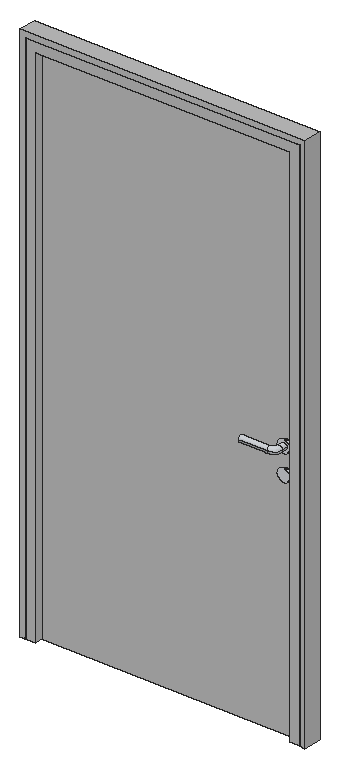
Revit family "BRU_Дверь_Однопольная_Стальная_Тех", category Двери, Revit 2021
Family settings
  Основа = Стена
  Номер OmniClass = 23.30.10.00
  Заголовок OmniClass = Doors
  Всегда вертикально = Да
  При загрузке вырезать с полостями = Нет
  Общий = Нет
  Точка принадлежности помещению = Нет
Parameters (values of type "ДСВ-О-Н-EI60 1100х2100(h) Пр")
  Четверть сверху.Размер [instance] = 30 mm
  Четверть сверху [instance] = if([Четверть (есть/нет)], Четверть сверху.Размер, 0 mm)  # 0 mm
  Четверть сбоку [instance] = if([Четверть (есть/нет)], Четверти сбоку.Размер, 0 mm)  # 0 mm
  Четверть (есть/нет) [instance] = no
  Четверти сбоку.Размер [instance] = 30 mm
  Угол в плане 30 [instance] = yes
  Толщина пола [instance] = 200 mm
  Тип полотна двери = Полотно : Глухое
  Ручка двери = none
  Рама двери.Ширина справа = 80 mm
  Рама двери.Ширина слева = 80 mm
  Рама двери.Ширина внизу = 80 mm
  Рама двери.Ширина вверху = 80 mm
  Полотно.Толщина = 40 mm
  Полотно двери. Высота [instance] = Rough Height - Коробка.Ширина  # 2050 mm
  Площадь [instance] = Width * Height  # 2.31 m²
  Откосы.Ширина [instance] = 530 mm
  Define Thermal Properties by = 1
  Fire Rating = ""
  О_Обозначение = ""
  О_Наименование = ""
  Наличник.Ширина [instance] = 60 mm
  Наличник.Толщина [instance] = 10 mm
  Наличник снаружи (есть/нет) [instance] = no
  Наличник внутри (есть/нет) [instance] = no
  Монтажный зазор снизу.Толщина [instance] = 0 mm
  Монтажный зазор сверху.Толщина = 20 mm
  Монтажный зазор сбоку.Толщина = 20 mm
  Коробка.Ширина = 30 mm
  Коробка.Толщина = 70 mm
  Type Comments = ""
  Защитное ограждение (есть/нет) = no
  Глубина выреза проема наружу [instance] = 200 mm
  Глубина выреза проема внутрь [instance] = 200 mm
  Глубина вставки двери [instance] = 0 mm
  Аналитическая конструкция = "<Нет>"
  Правая = yes
  Полотно двери = none
  Остекление двери = none
  Левая = not(Правая)  # no
  Огибание наружных слоев [instance] = 0 mm
  Width = 1100 mm
  Rough Width [instance] = Width - Монтажный зазор сбоку.Толщина * 2  # 1060 mm
  Rough Height [instance] = Height - Монтажный зазор сверху.Толщина  # 2080 mm
  Группа модели = "Дверь глухая с порогом"
  Manufacturer = ""
  Wall Closure = (empty or 0)
  Height = 2100 mm
  Описание = "Дверь деревянная внутренняя глухая"
  Тип конструкций = "Дверь деревянная"
  BRU_ДверьТип = "BRU_Дверь_Однопольная_Стальная_Техническая_Противопожарная"
  ADSK_Этаж [instance] = ""
  ADSK_Толщина стены [instance] = 0 mm
  ADSK_Примечание [instance] = ""
  ADSK_Предел огнестойкости = "EI60"
  ADSK_Позиция [instance] = ""
  ADSK_Открывание = if(Правая, "Правая", "Левая")  # "Правая"
  ADSK_Обозначение = "ГОСТ 6629-88"  # constant formula
  ADSK_Наименование краткое = ""
  ADSK_Наименование = "ДСВ-О-Н-EI60 1100х2100(h)"
  ADSK_Масса_Текст = ""
  ADSK_Количество [instance] = 0
  ADSK_Код изделия = ""
  ADSK_Зона [instance] = ""
  ADSK_Завод-изготовитель = ""
  ADSK_Единица измерения = ""
  ADSK_Группирование [instance] = ""
  ADSK_URL страницы изделия = ""
  ADSK_URL документации изделия = ""
Types (7, lengths in mm): name | Толщина пола | Площадь | Монтажный зазор снизу.Толщина | Правая | Левая | Width | Rough Width | ADSK_Предел огнестойкости | ADSK_Открывание | ADSK_Наименование
  ДСВ-О-Н-EI30 1100х2100(h) Л | 304.8 | 2.31 m² | 130 | no | yes | 1100 | 1060 | "EI30" | "Левая" | "ДСВ-О-Н-EI30 1100х2100(h)"
  ДСВ-О-Н-EI30 1100х2100(h) Пр | 304.8 | 2.31 m² | 130 | yes | no | 1100 | 1060 | "EI30" | "Правая" | "ДСВ-О-Н-EI30 1100х2100(h)"
  ДСВ-О-Н-EI30 850х2100(h) Л | 304.8 | 1.785 m² | 130 | no | yes | 850 | 810 | "EI30" | "Левая" | "ДСВ-О-Н-EI30 1100х2100(h)"
  ДСВ-О-Н-EI60 1100х2100(h) Пр | 200 | 2.31 m² | 0 | yes | no | 1100 | 1060 | "EI60" | "Правая" | "ДСВ-О-Н-EI60 1100х2100(h)"
  ДСВ-О-Н-EIS30 1100х2100(h) Пр | 304.8 | 2.31 m² | 130 | yes | no | 1100 | 1060 | "EIS30" | "Правая" | "ДСВ-О-Н-EIS30 1100х2100(h)"
  ДСВ-О-Н-EIS30 1100х2100(h) Л | 304.8 | 2.31 m² | 130 | no | yes | 1100 | 1060 | "EIS30" | "Левая" | "ДСВ-О-Н-EIS30 1100х2100(h)"
  ДСВ-О-Н-EI60 1100х2100(h) Л | 304.8 | 2.31 m² | 130 | no | yes | 1100 | 1060 | "EI60" | "Левая" | "ДСВ-О-Н-EI60 1100х2100(h)"
Reference planes
  plane 1: y = 0
  plane 2 "По центру (Влево/Вправо)": x = 0
  plane 3 "Слева": x = -550
  plane 4 "Справа": x = 550
  plane 5: z = 2100
  plane 6 "Наружный": y = 300
  plane 7 "Внутренние": y = -300
  plane 8 "Вставка двери": y = 300
  plane 9 "Четверть слева": x = -550
  plane 10 "Четверть справа": x = 550
  plane 11 "Четверть сверху": z = 2100
  plane 12 "Полотно двери": y = 260
  plane 13 "Рама внутри": y = 230
  plane 14 "Монтажный зазор слева": x = -530
  plane 15 "Монтажный зазор справа": x = 530
  plane 16 "Монтажный зазор сверху": z = 2080
  plane 17 "Глубина огибания наружного слоя": y = 300
  plane 18: y = 310
  plane 19: x = 540
  plane 20: y = -310
  plane 21: x = -540
  plane 22: y = 500
  plane 23: y = -500
  plane 24 "2": z = 0
  plane 25: z = -200
  plane 26: z = 0
Forms (mm)
  Extrusion 1, void
    sketch origin (0, 0, 0) x (1, 0, 0) y (0, 1, 0)
      loop
        line (550, 300) -> (-550, 300) -> (-550, -500) -> (550, -500) -> (550, 300)
    from 0 to 2100
  Extrusion 2, void
    sketch origin (0, 0, 0) x (1, 0, 0) y (0, 1, 0)
      loop
        line (550, 500) -> (-550, 500) -> (-550, 300) -> (550, 300) -> (550, 500)
    from -200 to 2100
  Sweep 3, solid, material <- "Полотно двери", visible <- "Наличник снаружи (есть/нет)", detail levels fine
    path origin (0, 300, 0) x (1, 0, 0) y (0, 0, 1)
      loop
        line (-550, 0) -> (-550, 2100) -> (550, 2100) -> (550, 0)
    profile origin (-550, 300, 1050) x (-1, 0, 0) y (0, -1, 0)
      loop
        line (-10, 0) -> (-10, -5)
        arc (-10, -5) -> (-8.536, -8.536) -> (-5, -10) r 5
        line (-5, -10) -> (45, -10)
        arc (45, -10) -> (48.536, -8.536) -> (50, -5) r 5
        line (50, -5) -> (50, 0) -> (-10, 0)
  Sweep 4, solid, material <- "Полотно двери", visible <- "Наличник внутри (есть/нет)", detail levels fine
    path origin (0, -300, 0) x (1, 0, 0) y (0, 0, 1)
      loop
        line (-550, 0) -> (-550, 2100) -> (550, 2100) -> (550, 0)
    profile origin (-550, -300, 1050) x (-1, 0, 0) y (0, -1, 0)
      loop
        line (-20, 0) -> (40, 0) -> (40, 5)
        arc (40, 5) -> (38.536, 8.536) -> (35, 10) r 5
        line (35, 10) -> (-15, 10)
        arc (-15, 10) -> (-18.536, 8.536) -> (-20, 5) r 5
        line (-20, 5) -> (-20, 0)
  Sweep 5, solid, material <- "Полотно двери"
    path origin (0, 300, 0) x (-1, 0, 0) y (0, 0, 1)
      loop
        line (530, 0) -> (530, 2080) -> (-530, 2080) -> (-530, 0)
    profile origin (530, 300, 1040) x (0, 1, 0) y (-1, 0, 0)
      loop
        line (0, 0) -> (0, 30) -> (-40, 30) -> (-40, 40) -> (-70, 40) -> (-70, 0) -> (0, 0)
  Sweep 6, solid, material <- "Полотно двери", visible <- "Наличник снаружи (есть/нет)", detail levels fine
    path origin (0, 300, 0) x (-1, 0, 0) y (0, 0, 1)
      loop
        line (550, 0) -> (550, 2100) -> (-550, 2100) -> (-550, 0)
    profile origin (550, 300, 1050) x (0, 1, 0) y (-1, 0, 0)
      loop
        line (5, 0) -> (5, 10) -> (0, 10) -> (0, 0) -> (5, 0)
  Extrusion 7, solid, material <- "Полотно двери"
    sketch origin (-2514.822, 300, 1200) x (-1, 0, 0) y (0, 0, 1)
      loop
        line (-3064.822, 900) -> (-3064.822, -1200) -> (-3043.822, -1200) -> (-3043.822, 879) -> (-1985.822, 879) -> (-1985.822, -1200) -> (-1964.822, -1200) -> (-1964.822, 900) -> (-3064.822, 900)
    from 0 to -70
Cuts and joins
  joined: Sweep 3, Sweep 6
Lines and regions (mm)
  Masking region 1, detail levels fine
    outline origin (0, 0, 0) x (0, 1, 0) y (0, 0, 1)
      loop
        line (230, 2040) -> (260, 2040) -> (260, 2050) -> (300, 2050) -> (300, 2080) -> (230, 2080) -> (230, 2040)
  Masking region 2, detail levels fine
    outline origin (0, 0, 0) x (0, 1, 0) y (0, 0, 1)
      loop
        line (300, 0) -> (300, 2050) -> (260, 2050) -> (260, 0) -> (300, 0)
  Masking region 3, detail levels fine
    outline origin (0, 0, 0) x (0, 1, 0) y (0, 0, 1)
      loop
        line (230, 2040) -> (230, 0) -> (260, 0) -> (260, 2040) -> (230, 2040)
  Masking region 4, detail levels coarse+medium
    outline origin (0, 0, 0) x (0, 1, 0) y (0, 0, 1)
      loop
        line (300, 0) -> (300, 2100) -> (230, 2100) -> (230, 0) -> (300, 0)
Text (mm)
  text "Наружный" at (-2295.016, 1099.543, 0), in view "Опорный уровень "
  text "Наружный" at (0, 1615.38, 3698.081), in view "Слева"
  text "Наружный" at (0, 1036.032, 3874.932), in view "Справа"
Dimensions and locks
  equal spacing: plane 14 "Монтажный зазор слева", plane 2 "По центру (Влево/Вправо)", plane 15 "Монтажный зазор справа"
  "Rough Width": plane 14 "Монтажный зазор слева" to plane 15 "Монтажный зазор справа"
  "Rough Height": plane 16 "Монтажный зазор сверху" to plane 24 "2"
  host wall to plane 5 = 2100 mm  (x2)
  locked: plane 6 "Наружный" to host wall
  locked: plane 7 "Внутренние" to host wall
  "Четверть сбоку": plane 3 "Слева" to plane 9 "Четверть слева"
  "Четверть сбоку": plane 10 "Четверть справа" to plane 4 "Справа"
  "Глубина вставки двери": plane 6 "Наружный" to plane 8 "Вставка двери"
  "Наличник.Ширина": Sweep 3 sketch curve to plane 21
  "Коробка.Толщина": plane 8 "Вставка двери" to plane 13 "Рама внутри"
  "Полотно.Толщина": plane 8 "Вставка двери" to plane 12 "Полотно двери"
  "Огибание наружных слоев": plane 6 "Наружный" to plane 17 "Глубина огибания наружного слоя"
  "Наличник.Ширина": Sweep 4 sketch curve to Sweep 4 sketch curve
  locked: Sweep 4 sketch curve to Sweep 4 sketch curve at 5  (x4)
  locked: Sweep 3 sketch curve to Sweep 3 sketch curve at 5
  "Коробка.Ширина": Sweep 5 sketch curve to profile plane
  locked: Sweep 5 sketch curve to Sweep 5 sketch curve at 10
  "Наличник.Толщина": plane 7 "Внутренние" to plane 20
  "Наличник.Толщина": plane 18 to plane 6 "Наружный"
  "Наличник.Толщина": plane 9 "Четверть слева" to plane 21
  "Наличник.Толщина": plane 19 to plane 10 "Четверть справа"
  locked: plane 18 to Sweep 3 sketch curve at 5  (x2)
  locked: Sweep 3 sketch curve to plane 21 at 5
  locked: plane 18 to Sweep 6 sketch curve at 5
  "Откосы.Ширина": plane 7 "Внутренние" to plane 13 "Рама внутри"
  equal spacing: plane 3 "Слева", plane 2 "По центру (Влево/Вправо)", plane 4 "Справа"
  "Width": plane 3 "Слева" to plane 4 "Справа"
  "Глубина выреза проема внутрь": plane 23 to plane 7 "Внутренние"
  "Глубина выреза проема наружу": plane 6 "Наружный" to plane 22
  locked: Extrusion 7 sketch curve to plane 15 "Монтажный зазор справа" at 1
  locked: Extrusion 7 sketch curve to plane 16 "Монтажный зазор сверху" at 1
  locked: plane 14 "Монтажный зазор слева" to Extrusion 7 sketch curve at 1
  "Монтажный зазор снизу.Толщина": level to plane 24 "2"
  "Монтажный зазор сверху.Толщина": plane 5 to plane 16 "Монтажный зазор сверху"
  "Четверть сверху": plane 5 to plane 11 "Четверть сверху"
  "Толщина пола": plane 25 to level
  aligned and locked: plane 1 to host wall
  aligned and locked: plane 8 "Вставка двери" to Extrusion 1 sketch curve
  aligned and locked: plane 3 "Слева" to Extrusion 1 sketch curve
  aligned and locked: Extrusion 1 sketch curve to plane 4 "Справа"
  aligned and locked: Extrusion 1 to level
  aligned and locked: Extrusion 1 to plane 5
  aligned and locked: Extrusion 2 sketch curve to plane 8 "Вставка двери"
  aligned and locked: plane 10 "Четверть справа" to Extrusion 2 sketch curve
  aligned and locked: Extrusion 2 sketch curve to plane 9 "Четверть слева"
  aligned and locked: plane 11 "Четверть сверху" to Extrusion 2
  aligned and locked: plane 9 "Четверть слева" to Sweep 3 sketch curve
  aligned and locked: plane 11 "Четверть сверху" to Sweep 3 sketch curve
  aligned and locked: plane 10 "Четверть справа" to Sweep 3 sketch curve
  aligned and locked: Sweep 4 sketch curve to plane 3 "Слева"
  aligned and locked: Sweep 4 sketch curve to plane 5
  aligned and locked: Sweep 4 sketch curve to plane 4 "Справа"
  aligned and locked: Sweep 4 sketch curve to plane 7 "Внутренние"
  aligned and locked: Sweep 5 sketch curve to plane 15 "Монтажный зазор справа"
  aligned and locked: Sweep 5 sketch curve to plane 16 "Монтажный зазор сверху"
  aligned and locked: Sweep 5 sketch curve to plane 14 "Монтажный зазор слева"
  aligned and locked: profile plane to Sweep 5 sketch curve
  aligned and locked: plane 13 "Рама внутри" to Sweep 5 sketch curve
  aligned and locked: plane 8 "Вставка двери" to Sweep 5 sketch curve
  aligned and locked: plane 12 "Полотно двери" to Sweep 5 sketch curve
  aligned and locked: plane 12 "Полотно двери" to nested 1
  aligned and locked: nested 1 to plane 8 "Вставка двери"
  aligned and locked: Sweep 5 to nested 1
  aligned and locked: nested 1 to Sweep 5  (x2)
  aligned and locked: plane 2 "По центру (Влево/Вправо)" to nested 2
  aligned and locked: nested 2 to plane 8 "Вставка двери"
  aligned and locked: plane 12 "Полотно двери" to nested 2
  aligned and locked: plane 13 "Рама внутри" to nested 2
  aligned and locked: plane 2 "По центру (Влево/Вправо)" to nested 3
  aligned and locked: plane 8 "Вставка двери" to nested 3
  aligned and locked: nested 3 to plane 12 "Полотно двери"
  aligned and locked: nested 3 to plane 13 "Рама внутри"
  aligned and locked: Sweep 4 sketch curve to plane 14 "Монтажный зазор слева"
  aligned and locked: profile plane to Sweep 3 sketch curve
  aligned and locked: Sweep 6 sketch curve to plane 11 "Четверть сверху"
  aligned and locked: plane 10 "Четверть справа" to Sweep 6 sketch curve  (x2)
  aligned and locked: plane 9 "Четверть слева" to Sweep 6 sketch curve
  aligned and locked: plane 8 "Вставка двери" to Sweep 6 sketch curve
  aligned and locked: plane 20 to Sweep 4 sketch curve
  aligned and locked: plane 18 to Sweep 3 sketch curve
  aligned and locked: Sweep 6 sketch curve to plane 19
  aligned and locked: Masking region 1 sketch curve to Sweep 5  (x2)
  aligned and locked: plane 12 "Полотно двери" to Masking region 1 sketch curve
  aligned and locked: plane 13 "Рама внутри" to Masking region 1 sketch curve
  aligned and locked: plane 8 "Вставка двери" to Masking region 1 sketch curve
  aligned and locked: plane 16 "Монтажный зазор сверху" to Masking region 1 sketch curve
  aligned and locked: plane 8 "Вставка двери" to Masking region 2 sketch curve
  aligned and locked: plane 12 "Полотно двери" to Masking region 2 sketch curve
  aligned and locked: Masking region 2 sketch curve to Sweep 5
  aligned and locked: Masking region 3 sketch curve to Sweep 5
  aligned and locked: plane 13 "Рама внутри" to Masking region 3 sketch curve
  aligned and locked: plane 12 "Полотно двери" to Masking region 3 sketch curve
  aligned and locked: plane 8 "Вставка двери" to Masking region 4 sketch curve
  aligned and locked: plane 13 "Рама внутри" to Masking region 4 sketch curve
  aligned and locked: plane 5 to Masking region 4 sketch curve
  aligned and locked: Extrusion 7 sketch curve to plane 4 "Справа"
  aligned and locked: Extrusion 7 sketch curve to plane 3 "Слева"
  aligned and locked: Extrusion 7 sketch curve to plane 5
  aligned and locked: Extrusion 7 to plane 13 "Рама внутри"
  aligned and locked: plane 8 "Вставка двери" to Extrusion 7
  aligned and locked: plane 22 to Extrusion 2 sketch curve
  aligned and locked: Extrusion 1 sketch curve to plane 23
  aligned and locked: plane 24 "2" to Sweep 5 sketch curve  (x2)
  aligned and locked: plane 24 "2" to Sweep 3 sketch curve  (x2)
  aligned and locked: plane 24 "2" to Sweep 6 sketch curve  (x2)
  aligned and locked: plane 24 "2" to Sweep 4 sketch curve  (x2)
  aligned and locked: Extrusion 7 sketch curve to plane 24 "2"
  aligned and locked: plane 24 "2" to Extrusion 7 sketch curve
  aligned and locked: Masking region 4 sketch curve to plane 24 "2"
  aligned and locked: Masking region 3 sketch curve to plane 24 "2"
  aligned and locked: Masking region 2 sketch curve to plane 24 "2"
  aligned and locked: Extrusion 2 to plane 25
  aligned and locked: plane 26 to level
Nested families
  nested 1: "Полотно" at (0, 300, 0), type <- "Тип полотна двери", Полотно двери.Высота <- "Полотно двери. Высота", type "Глухое"
    with Полотно двери.Ширина 1000 mm, Полотно двери.Толщина 40 mm, Полотно двери.Высота 2050 mm
  nested 2: "Обозначение на плане" at (0, 300, 0), Ширина двери <- "Rough Width", visible <- "Правая", Монтажный зазор <- "Монтажный зазор сбоку.Толщина", Ширина коробки <- "Коробка.Ширина", Толщина полотна двери <- "Полотно.Толщина", Толщина коробки <- "Коробка.Толщина", type "По-умолчанию"
    with Ширина полотна двери 960 mm, Ширина коробки 30 mm, Ширина двери 1060 mm, Толщина полотна двери 40 mm, Толщина коробки 70 mm, Монтажный зазор 20 mm
  nested 3: "Обозначение на плане" at (0, 300, 0) x (-1, 0, 0) z (0, 0, 1), Ширина двери <- "Rough Width", visible <- "Левая", Монтажный зазор <- "Монтажный зазор сбоку.Толщина", Ширина коробки <- "Коробка.Ширина", Толщина полотна двери <- "Полотно.Толщина", Толщина коробки <- "Коробка.Толщина", type "По-умолчанию"
    with Ширина полотна двери 960 mm, Ширина коробки 30 mm, Ширина двери 1060 mm, Толщина полотна двери 40 mm, Толщина коробки 70 mm, Монтажный зазор 20 mm
Definition of nested family "Полотно"
  Parameters (values of type "Глухое")
    Ручка.Отступ от края = 50 mm
    Ручка.Высота расположения = 1000 mm
    Ручка двери = none
    Рама справа.Ширина = 150 mm
    Рама слева.Ширина = 150 mm
    Рама внизу.Ширина = 600 mm
    Рама вверху.Ширина = 150 mm
    Правая = yes
    Полотно остекленное = no
    Полотно двери.Ширина [instance] = 1000 mm
    Полотно двери.Толщина [instance] = 40 mm
    Полотно двери.Высота [instance] = 2100 mm
    Полотно двери = none
    Полотно глухое = yes
    Остекление двери = none
    Левая = not(Правая)  # no
    Защитные ограждения = no
    Analytic Construction = "<Нет>"
  Types (2, lengths in mm): name | Рама справа.Ширина | Рама слева.Ширина | Рама внизу.Ширина | Рама вверху.Ширина | Полотно остекленное | Полотно глухое
    Глухое | 150 | 150 | 600 | 150 | no | yes
    Остекленное | 80 | 80 | 80 | 80 | yes | no
  Reference planes
    plane 1 "Center (Front/Back)": y = 0
    plane 2: z = 0
    plane 3 "Center (Left/Right)": x = 0
    plane 4: x = -500
    plane 5: x = 500
    plane 6 "Back": y = -40
    plane 7: z = 2100
    plane 8 "Высота расположения ручки": z = 1000
    plane 9 "Отступ ручки справа": x = 450
    plane 10 "Отступ ручки слева": x = -450
    plane 11 "Остекление снаружи": y = -8
    plane 12 "Остекление внутри": y = -32
    plane 13 "Ширина рамы справа": x = -350
    plane 14 "Ширина рамы слева": x = 350
    plane 15 "Ширина рамы внизу": z = 600
    plane 16 "Ширина рамы вверху": z = 1950
    plane 17: z = 950
    plane 18: z = 800
    plane 19: z = 650
    plane 20: z = 1050
  Forms (mm)
    Extrusion 1, solid, material <- "Полотно двери", visible <- "Полотно глухое"
      sketch origin (0, 0, 0) x (1, 0, 0) y (0, 0, 1)
        loop
          line (-500, 2100) -> (-500, 0) -> (500, 0) -> (500, 2100) -> (-500, 2100)
      from 0 to 40 <- "Полотно двери.Толщина"
    Extrusion 2, solid, material <- "Полотно двери", visible <- "Полотно остекленное"
      sketch origin (0, 0, 0) x (1, 0, 0) y (0, 0, 1)
        loop
          line (-500, 2100) -> (-500, 0) -> (500, 0) -> (500, 2100) -> (-500, 2100)
        loop
          line (-350, 600) -> (350, 600) -> (350, 1950) -> (-350, 1950) -> (-350, 600)
      from 0 to 40
    Extrusion 3, solid, material <- "Остекление двери", visible <- "Полотно остекленное"
      sketch origin (-646.608, -8, 1200) x (-1, 0, 0) y (0, 0, 1)
        loop
          line (-296.608, 750) -> (-996.608, 750) -> (-996.608, -600) -> (-296.608, -600) -> (-296.608, 750)
      from 0 to -24
    Sweep 4, solid, material <- "Ручка двери", visible <- "Защитные ограждения", detail levels medium+fine
      path origin (-858.179, -1524, 950) x (-1, 0, 0) y (0, -1, 0)
        loop
          arc (-478.179, -1469) -> (-482.572, -1458.393) -> (-493.179, -1454) r 15
          line (-493.179, -1454) -> (-1223.179, -1454)
          arc (-1223.179, -1454) -> (-1233.785, -1458.393) -> (-1238.179, -1469) r 15
          line (-1238.179, -1469) -> (-1238.179, -1539)
          arc (-1238.179, -1539) -> (-1233.785, -1549.607) -> (-1223.179, -1554) r 15
          line (-1223.179, -1554) -> (-493.179, -1554)
          arc (-493.179, -1554) -> (-482.572, -1549.607) -> (-478.179, -1539) r 15
          line (-478.179, -1539) -> (-478.179, -1469)
      profile origin (-380, -20, 950) x (-1, 0, 0) y (0, 0, 1)
        loop
          circle (0, 0) r 10
    Sweep 5, solid, material <- "Ручка двери", visible <- "Защитные ограждения", detail levels medium+fine
      path origin (-858.179, -1524, 800) x (-1, 0, 0) y (0, -1, 0)
        loop
          arc (-478.179, -1469) -> (-482.572, -1458.393) -> (-493.179, -1454) r 15
          line (-493.179, -1454) -> (-1223.179, -1454)
          arc (-1223.179, -1454) -> (-1233.785, -1458.393) -> (-1238.179, -1469) r 15
          line (-1238.179, -1469) -> (-1238.179, -1539)
          arc (-1238.179, -1539) -> (-1233.785, -1549.607) -> (-1223.179, -1554) r 15
          line (-1223.179, -1554) -> (-493.179, -1554)
          arc (-493.179, -1554) -> (-482.572, -1549.607) -> (-478.179, -1539) r 15
          line (-478.179, -1539) -> (-478.179, -1469)
      profile origin (-380, -20, 800) x (-1, 0, 0) y (0, 0, 1)
        loop
          circle (0, 0) r 10
    Sweep 6, solid, material <- "Ручка двери", visible <- "Защитные ограждения", detail levels medium+fine
      path origin (-858.179, -1524, 650) x (-1, 0, 0) y (0, -1, 0)
        loop
          arc (-478.179, -1469) -> (-482.572, -1458.393) -> (-493.179, -1454) r 15
          line (-493.179, -1454) -> (-1223.179, -1454)
          arc (-1223.179, -1454) -> (-1233.785, -1458.393) -> (-1238.179, -1469) r 15
          line (-1238.179, -1469) -> (-1238.179, -1539)
          arc (-1238.179, -1539) -> (-1233.785, -1549.607) -> (-1223.179, -1554) r 15
          line (-1223.179, -1554) -> (-493.179, -1554)
          arc (-493.179, -1554) -> (-482.572, -1549.607) -> (-478.179, -1539) r 15
          line (-478.179, -1539) -> (-478.179, -1469)
      profile origin (-380, -20, 650) x (-1, 0, 0) y (0, 0, 1)
        loop
          circle (0, 0) r 10
  Lines and regions (mm)
    symbolic lines, visible <- "Правая", detail levels medium
      curve 1: line (-500, 0, 0) -> (500, 0, 1050)
      curve 2: line (500, 0, 1050) -> (-500, 0, 2100)
    symbolic lines, visible <- "Левая", detail levels medium
      curve 3: line (500, 0, 0) -> (-500, 0, 1050)
      curve 4: line (-500, 0, 1050) -> (500, 0, 2100)
  Dimensions and locks
    "Полотно двери.Толщина": plane 1 "Center (Front/Back)" to plane 6 "Back"
    equal spacing: plane 4, plane 3 "Center (Left/Right)", plane 5
    "Полотно двери.Ширина": plane 4 to plane 5
    "Полотно двери.Высота": plane 7 to plane 2
    "Ручка.Высота расположения": plane 8 "Высота расположения ручки" to level
    "Ручка.Отступ от края": plane 5 to plane 9 "Отступ ручки справа"
    "Ручка.Отступ от края": plane 10 "Отступ ручки слева" to plane 4
    locked: plane 12 "Остекление внутри" to plane 6 "Back" at 8
    locked: plane 1 "Center (Front/Back)" to plane 11 "Остекление снаружи" at 8
    "Рама вверху.Ширина": plane 7 to plane 16 "Ширина рамы вверху"
    "Рама внизу.Ширина": plane 15 "Ширина рамы внизу" to plane 2
    "Рама справа.Ширина": plane 5 to plane 14 "Ширина рамы слева"
    "Рама слева.Ширина": plane 13 "Ширина рамы справа" to plane 4
    locked: plane 17 to plane 2 at 950
    plane 17 to plane 18 to plane 19 = 150 mm locked, 150 mm locked
    locked: plane 1 "Center (Front/Back)" to Sweep 4 sketch curve at 30
    locked: Sweep 4 sketch curve to profile plane at 0
    locked: profile plane to Sweep 4 sketch curve at 0
    locked: Sweep 4 sketch curve to plane 6 "Back" at 30
    locked: Sweep 5 sketch curve to profile plane at 0
    locked: profile plane to Sweep 5 sketch curve at 0
    locked: Sweep 5 sketch curve to plane 6 "Back" at 30
    locked: plane 1 "Center (Front/Back)" to Sweep 5 sketch curve at 30
    locked: Sweep 6 sketch curve to profile plane at 0
    locked: profile plane to Sweep 6 sketch curve at 0
    locked: Sweep 6 sketch curve to plane 6 "Back" at 30
    locked: plane 1 "Center (Front/Back)" to Sweep 6 sketch curve at 30
    equal spacing: plane 7, plane 20, plane 2
    locked: Sweep 4 sketch curve to plane 13 "Ширина рамы справа" at 30
    locked: plane 14 "Ширина рамы слева" to Sweep 4 sketch curve at 30
    locked: plane 14 "Ширина рамы слева" to Sweep 5 sketch curve at 30
    locked: Sweep 5 sketch curve to plane 13 "Ширина рамы справа" at 30
    locked: Sweep 6 sketch curve to plane 13 "Ширина рамы справа" at 30
    locked: plane 14 "Ширина рамы слева" to Sweep 6 sketch curve at 30
    locked: Sweep 4 sketch curve to Sweep 4 sketch curve at 15  (x8)
    locked: Sweep 5 sketch curve to Sweep 5 sketch curve at 15  (x8)
    locked: Sweep 6 sketch curve to Sweep 6 sketch curve at 15  (x8)
    aligned and locked: level to plane 2
    aligned and locked: Extrusion 1 sketch curve to plane 7
    aligned and locked: plane 4 to Extrusion 1 sketch curve
    aligned and locked: plane 2 to Extrusion 1 sketch curve
    aligned and locked: Extrusion 1 sketch curve to plane 5
    aligned and locked: Extrusion 1 to plane 1 "Center (Front/Back)"
    aligned and locked: Extrusion 1 to plane 6 "Back"
    aligned and locked: nested 1 to plane 10 "Отступ ручки слева"
    aligned and locked: plane 1 "Center (Front/Back)" to nested 1
    aligned and locked: plane 6 "Back" to nested 1
    aligned and locked: plane 8 "Высота расположения ручки" to nested 1
    aligned and locked: nested 2 to plane 1 "Center (Front/Back)"
    aligned and locked: nested 2 to plane 6 "Back"
    aligned and locked: nested 2 to plane 9 "Отступ ручки справа"
    aligned and locked: nested 2 to plane 8 "Высота расположения ручки"
    aligned and locked: Extrusion 2 sketch curve to plane 4
    aligned and locked: Extrusion 2 sketch curve to plane 5
    aligned and locked: Extrusion 2 sketch curve to plane 7
    aligned and locked: Extrusion 2 sketch curve to plane 2
    aligned and locked: Extrusion 2 sketch curve to plane 15 "Ширина рамы внизу"
    aligned and locked: Extrusion 2 sketch curve to plane 13 "Ширина рамы справа"
    aligned and locked: Extrusion 2 sketch curve to plane 14 "Ширина рамы слева"
    aligned and locked: Extrusion 2 sketch curve to plane 16 "Ширина рамы вверху"
    aligned and locked: Extrusion 2 to plane 1 "Center (Front/Back)"
    aligned and locked: Extrusion 2 to plane 6 "Back"
    aligned and locked: plane 13 "Ширина рамы справа" to Extrusion 3 sketch curve
    aligned and locked: plane 14 "Ширина рамы слева" to Extrusion 3 sketch curve
    aligned and locked: plane 16 "Ширина рамы вверху" to Extrusion 3 sketch curve
    aligned and locked: plane 15 "Ширина рамы внизу" to Extrusion 3 sketch curve
    aligned and locked: Extrusion 3 to plane 11 "Остекление снаружи"
    aligned and locked: Extrusion 3 to plane 12 "Остекление внутри"
    aligned and locked: plane 4 to curve 1
    aligned and locked: plane 2 to curve 1
    aligned and locked: plane 5 to curve 2
    aligned and locked: plane 20 to curve 1
    aligned and locked: plane 7 to Extrusion 2
    aligned and locked: plane 4 to Extrusion 2
  Automatic sketch dimensions
    curve 3 to plane 4 = 0 mm
    curve 2 to plane 4 = 0 mm
    curve 3 to level = 0 mm
    curve 3 to plane 5 = 0 mm
    curve 4 to plane 5 = 0 mm
    curve 4 to plane 20 = 0 mm
    curve 4 to plane 7 = 0 mm
    curve 2 to plane 7 = 0 mm
    radius of Sweep 4 sketch curve = 10 mm
    radius of Sweep 5 sketch curve = 10 mm
    radius of Sweep 6 sketch curve = 10 mm
  Nested families
    nested 1: "Дверная ручка" at (-450, 0, 1000), visible <- "Левая", Полотно двери.Толщина <- "Полотно двери.Толщина", type "Дверная ручка", detail levels fine
      with Полотно двери.Толщина 40 mm
    nested 2: "Дверная ручка" at (450, 0, 1000) x (-1, 0, 0) z (0, 0, 1), visible <- "Правая", Полотно двери.Толщина <- "Полотно двери.Толщина", type "Дверная ручка", detail levels fine
      with Полотно двери.Толщина 40 mm
  Definition of nested family "Дверная ручка"
    Parameters (values of type "Дверная ручка")
      Полотно двери.Толщина [instance] = 40 mm
      Дверная ручка = none
      Analytic Construction = "<Нет>"
    Reference planes
      plane 1 "Center (Front/Back)": y = 0
      plane 2: z = 0
      plane 3 "Center (Left/Right)": x = 0
      plane 4: y = -40
      plane 5: z = -100
    Forms (mm)
      Sweep 1, solid, material <- "Дверная ручка", detail levels medium+fine
        path origin (0, 0, 0) x (1, 0, 0) y (0, 1, 0)
          loop
            line (130, 50) -> (20, 50)
            arc (20, 50) -> (5.858, 44.142) -> (0, 30) r 20
            line (0, 30) -> (0, -70)
            arc (0, -70) -> (5.858, -84.142) -> (20, -90) r 20
            line (20, -90) -> (130, -90)
        profile origin (0, -20, 0) x (1, 0, 0) y (0, 0, 1)
          loop
            circle (0, 0) r 12
      Extrusion 2, solid, material <- "Дверная ручка", detail levels medium+fine
        sketch origin (-2000, -40, 1200) x (-1, 0, 0) y (0, 0, 1)
          loop
            circle (-2000, -1200) r 25
        from 48 to -8
      Extrusion 3, solid, material <- "Дверная ручка", detail levels medium+fine
        sketch origin (-2000, -40, 1100) x (-1, 0, 0) y (0, 0, 1)
          loop
            circle (-2000, -1200) r 25
        from 48 to -8
    Cuts and joins
      joined: Sweep 1, Extrusion 2
    Dimensions and locks
      "Полотно двери.Толщина": plane 1 "Center (Front/Back)" to plane 4
      locked: Sweep 1 sketch curve to plane 4 at 50
      locked: plane 1 "Center (Front/Back)" to Sweep 1 sketch curve at 50
      locked: plane 4 to Sweep 1 sketch curve at 30
      locked: plane 1 "Center (Front/Back)" to Sweep 1 sketch curve at 30
      locked: plane 3 "Center (Left/Right)" to Sweep 1 sketch curve at 20  (x2)
      locked: plane 4 to Extrusion 2 at 8
      locked: Extrusion 3 sketch curve to plane 5 at 0
      locked: plane 3 "Center (Left/Right)" to Extrusion 3 sketch curve at 0
      locked: plane 1 "Center (Front/Back)" to cut or joined group of Sweep 1, Extrusion 2 at 8
      locked: Extrusion 3 to plane 1 "Center (Front/Back)" at 8
      aligned and locked: level to plane 2
      aligned and locked: Sweep 1 sketch curve to plane 3 "Center (Left/Right)"
    Automatic sketch dimensions
      Sweep 1 sketch curve to Sweep 1 sketch curve = 110 mm  (x2)
      Sweep 1 sketch curve to level = 0 mm
      profile plane to Sweep 1 sketch curve = 0 mm
      Extrusion 2 sketch curve to level = 0 mm
      Extrusion 2 sketch curve to plane 3 "Center (Left/Right)" = 0 mm
      radius of Sweep 1 sketch curve = 12 mm
      radius of Extrusion 2 sketch curve = 25 mm
      radius of Extrusion 3 sketch curve = 25 mm
Definition of nested family "Обозначение на плане"
  Parameters (values of type "По-умолчанию")
    Ширина полотна двери [instance] = Ширина двери - 60 mm - Монтажный зазор * 2  # 600 mm
    Ширина коробки [instance] = 30 mm
    Ширина двери [instance] = 700 mm
    Толщина полотна двери [instance] = 40 mm
    Толщина коробки [instance] = 80 mm
    Открывание двери.30° = yes
    Открывание двери.90° = not(Открывание двери.30°)  # no
    Монтажный зазор [instance] = 20 mm
    Линия открывания.Дуга = not(Открывание двери.30°)  # no
  Reference planes
    plane 1 "Center (Front/Back)": y = 0
    plane 2: z = 0
    plane 3 "Center (Left/Right)": x = 0
    plane 4: x = -350
    plane 5: x = 350
    plane 6 "Толщина коробки": y = -80
    plane 7 "Толщина полотна": y = -40
    plane 8: x = -330
    plane 9: x = 330
    plane 10: x = -300
    plane 11: x = 300
  Lines and regions (mm)
    Masking region 1, in view "Ref. Level", visible <- "Открывание двери.30°", detail levels fine
      outline origin (0, 0, 0) x (1, 0, 0) y (0, 1, 0)
        loop
          line (-300, 0) -> (-280, -34.641) -> (239.615, 265.359) -> (219.615, 300) -> (-300, 0)
    Masking region 2, in view "Ref. Level", visible <- "Открывание двери.90°", detail levels fine
      outline origin (0, 140, 0) x (1, 0, 0) y (0, 1, 0)
        loop
          line (-300, -140) -> (-260, -140) -> (-260, 460) -> (-300, 460) -> (-300, -140)
    Masking region 3, in view "Ref. Level", detail levels fine
      outline origin (0, 0, 0) x (1, 0, 0) y (0, 1, 0)
        loop
          line (-330, 0) -> (-350, 0) -> (-350, -80) -> (-330, -80) -> (-330, 0)
    Masking region 4, in view "Ref. Level", detail levels fine
      outline origin (0, 0, 0) x (1, 0, 0) y (0, 1, 0)
        loop
          line (-330, 0) -> (-330, -80) -> (-290, -80) -> (-290, -40) -> (-300, -40) -> (-300, 0) -> (-330, 0)
    Masking region 5, in view "Ref. Level", detail levels fine
      outline origin (0, 0, 0) x (1, 0, 0) y (0, 1, 0)
        loop
          line (330, 0) -> (330, -80) -> (350, -80) -> (350, 0) -> (330, 0)
    Masking region 6, in view "Ref. Level", detail levels fine
      outline origin (0, 0, 0) x (1, 0, 0) y (0, 1, 0)
        loop
          line (330, 0) -> (300, 0) -> (300, -40) -> (290, -40) -> (290, -80) -> (330, -80) -> (330, 0)
    Masking region 7, in view "Ref. Level", visible <- "Открывание двери.30°", detail levels fine
      outline origin (0, 140, 0) x (1, 0, 0) y (0, 1, 0)
        loop
          line (-300, -140) -> (-260, -140) -> (-260, 460) -> (-300, 460) -> (-300, -140)
    detail lines, in view "Ref. Level", visible <- "Открывание двери.90°", detail levels coarse+medium
      curve 1: line (-350, 0, 0) -> (-350, 700, 0)
    detail lines, in view "Ref. Level", visible <- "Линия открывания.Дуга", detail levels coarse+medium
      curve 2: arc (350, 0, 0) -> (144.975, 494.975, 0) -> (-350, 700, 0) r 700
    detail lines, in view "Ref. Level", visible <- "Открывание двери.30°", detail levels coarse+medium
      curve 3: line (-350, 0, 0) -> (256.218, 350, 0)
    detail lines, in view "Ref. Level", visible <- "Линия открывания.Дуга", detail levels fine
      curve 4: arc (300, 0, 0) -> (138.178, 409.878, 0) -> (-260, 598.665, 0) r 600
    detail lines, in view "Ref. Level", visible <- "Открывание двери.30°", detail levels fine
      curve 5: arc (300, 0, 0) -> (138.178, 409.878, 0) -> (-260, 598.665, 0) r 600
  Dimensions and locks
    equal spacing: plane 4, plane 3 "Center (Left/Right)", plane 5
    "Ширина двери": plane 4 to plane 5
    "Ширина двери": plane 1 "Center (Front/Back)" to curve 1
    "Ширина двери": curve 3 to curve 3
    "Толщина полотна двери": plane 1 "Center (Front/Back)" to plane 7 "Толщина полотна"
    "Толщина коробки": plane 1 "Center (Front/Back)" to plane 6 "Толщина коробки"
    "Монтажный зазор": plane 4 to plane 8
    "Монтажный зазор": plane 9 to plane 5
    "Ширина полотна двери": Masking region 1 sketch curve to Masking region 1 sketch curve
    "Ширина полотна двери": Masking region 2 sketch curve to Masking region 2 sketch curve
    "Толщина полотна двери": Masking region 2 sketch curve to Masking region 2 sketch curve
    "Ширина коробки": plane 8 to plane 10
    "Ширина коробки": plane 11 to plane 9
    locked: plane 10 to Masking region 4 sketch curve at 10
    locked: Masking region 6 sketch curve to plane 11 at 10
    "Ширина полотна двери": Masking region 7 sketch curve to Masking region 7 sketch curve
    "Толщина полотна двери": Masking region 7 sketch curve to Masking region 7 sketch curve
    "Ширина полотна двери": radius of curve 4
    "Ширина полотна двери": radius of curve 5
    locked: plane 1 "Center (Front/Back)" to curve 3 (angle 30.00°)
    locked: plane 1 "Center (Front/Back)" to Masking region 1 sketch curve (angle 30.00°)  (x2)
    aligned and locked: plane 1 "Center (Front/Back)" to curve 1
    aligned and locked: plane 1 "Center (Front/Back)" to curve 2
    aligned and locked: plane 4 to curve 3
    aligned and locked: plane 1 "Center (Front/Back)" to Masking region 1 sketch curve
    aligned and locked: Masking region 2 sketch curve to plane 1 "Center (Front/Back)"
    aligned and locked: Masking region 3 sketch curve to plane 8
    aligned and locked: Masking region 3 sketch curve to plane 4
    aligned and locked: Masking region 3 sketch curve to plane 6 "Толщина коробки"
    aligned and locked: Masking region 3 sketch curve to plane 1 "Center (Front/Back)"
    aligned and locked: Masking region 4 sketch curve to plane 8
    aligned and locked: Masking region 4 sketch curve to plane 10
    aligned and locked: Masking region 4 sketch curve to plane 6 "Толщина коробки"
    aligned and locked: Masking region 4 sketch curve to plane 7 "Толщина полотна"
    aligned and locked: Masking region 4 sketch curve to plane 1 "Center (Front/Back)"
    aligned and locked: plane 1 "Center (Front/Back)" to Masking region 5 sketch curve
    aligned and locked: plane 9 to Masking region 5 sketch curve
    aligned and locked: plane 6 "Толщина коробки" to Masking region 5 sketch curve
    aligned and locked: Masking region 5 sketch curve to plane 5
    aligned and locked: Masking region 6 sketch curve to plane 9
    aligned and locked: Masking region 6 sketch curve to plane 11
    aligned and locked: Masking region 6 sketch curve to plane 1 "Center (Front/Back)"
    aligned and locked: Masking region 6 sketch curve to plane 7 "Толщина полотна"
    aligned and locked: Masking region 6 sketch curve to plane 6 "Толщина коробки"
  Automatic sketch dimensions
    curve 4 to curve 5 = 0 mm  (x3)
    plane 1 "Center (Front/Back)" to curve 4 = 0 mm
    curve 4 to plane 10 = 0 mm
    plane 10 to curve 5 = 40 mm
    Masking region 1 sketch curve to plane 10 = 0 mm
    plane 7 "Толщина полотна" to Masking region 1 sketch curve = 5.359 mm
    Masking region 2 sketch curve to plane 10 = 0 mm
    Masking region 7 sketch curve to plane 10 = 0 mm
    plane 1 "Center (Front/Back)" to Masking region 7 sketch curve = 0 mm
